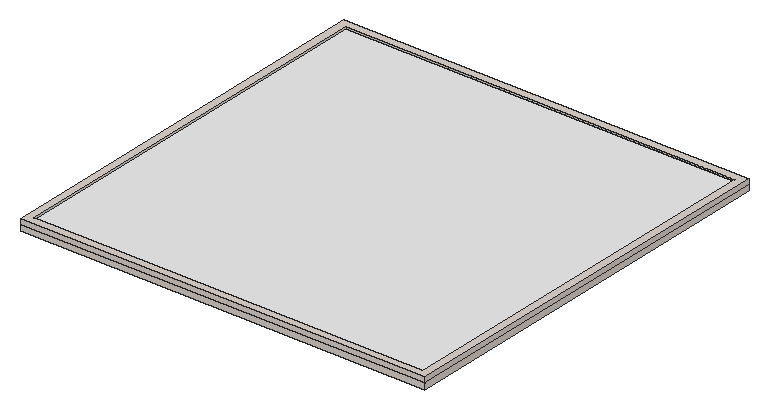
Revit family "SKY LED FLAT PANEL", category Lighting Fixtures, host Face, Revit 2020 (continued)
Types (13): name | Wattage | WATTS | built-in parameter 1150134 | Replaces/Equiv.(MH) | Photometric Web File | Order number | built-in parameter 1150142 | Model | built-in parameter 1150105 | Lumens | built-in parameter 1150107 | built-in parameter 1150106 | Fixture Width | Fixture Length | Default Elevation | Apparent Load
    .80     1.87     1.95     2.01     2.08     2.15     2.21     2.28     2.35     2.42     \r\n 2.48     2.54     2.60     2.66     2.72     2.77     2.83     2.87     2.90     2.94     \r\n 2.96     2.99     3.00     3.02     3.04     3.04     3.05     3.05     3.05     3.04     \r\n 3.04     3.04     3.03     3.02     3.01     3.01     3.00     2.99     2.98     2.97     \r\n 2.97     2.96     2.96     2.95     2.95     2.95     2.95     2.96     2.99     3.01     \r\n 3.03     3.04     3.05     3.07     3.08     3.10     3.11     3.13     3.15     3.19     \r\n 3.21     3.23     3.25     3.28     3.31     3.34     3.36     3.39     3.42     3.44     \r\n 3.47     3.49     3.51     3.52     3.53     3.53     3.53     3.53     3.52     3.52     \r\n 3.11     \r\n1275.29  1275.73  1276.28  1274.49  1272.98  1269.60  1267.85  1264.83  1262.28  1259.71  \r\n 1255.24  1249.80  1245.40  1239.78  1233.34  1228.05  1221.89  1215.83  1206.42  1200.83  \r\n 1190.96  1183.11  1174.32  1163.43  1154.94  1144.00  1132.94  1123.68  1111.50  1100.57  \r\n 1087.37  1075.75  1062.20  1049.42  1035.81  1021.99  1007.62  993.61   977.62   963.49   \r\n 947.88   931.93   915.66   897.94   882.61   864.43   846.76   829.79   811.45   792.78   \r\n 775.17   756.77   737.06   718.06   698.59   678.77   658.52   639.02   618.35   598.58   \r\n 576.92   556.47   534.99   514.06   492.85   471.72   450.66   428.93   407.40   386.08   \r\n 365.02   343.60   322.00   300.87   280.12   259.15   238.95   218.72   198.88   179.67   \r\n 160.44   141.98   123.52   106.00   88.29    72.20    55.74    40.58    25.35    11.71    \r\n 2.18     1.10     1.17     1.25     1.32     1.40     1.49     1.56     1.64     1.72     \r\n 1.79     1.87     1.94     2.01     2.08     2.15     2.21     2.28     2.35     2.42     \r\n 2.48     2.55     2.61     2.68     2.73     2.79     2.84     2.90     2.94     2.97     \r\n 3.00     3.03     3.05     3.06     3.08     3.09     3.10     3.10     3.10     3.11     \r\n 3.10     3.10     3.10     3.09     3.09     3.09     3.09     3.08     3.08     3.08     \r\n 3.08     3.08     3.08     3.08     3.07     3.08     3.09     3.10     3.13     3.16     \r\n 3.21     3.22     3.24     3.26     3.28     3.30     3.33     3.36     3.38     3.42     \r\n 3.45     3.48     3.50     3.53     3.55     3.56     3.57     3.57     3.56     3.56     \r\n 3.55     3.55     3.55     3.54     3.54     3.54     3.54     3.53     3.53     3.53     \r\n 3.11     \r\n1275.29  1274.37  1273.18  1272.43  1271.85  1269.90  1267.71  1265.33  1261.65  1259.20  \r\n 1254.45  1250.76  1246.51  1241.32  1235.10  1227.81  1222.56  1214.81  1209.25  1200.25  \r\n 1192.26  1184.02  1174.96  1166.19  1156.46  1146.10  1135.94  1124.61  1114.47  1101.56  \r\n 1089.18  1077.47  1065.90  1052.87  1039.47  1026.08  1012.65  996.73   983.56   967.86   \r\n 952.35   937.45   921.34   905.09   889.10   872.96   854.70   836.52   819.67   801.68   \r\n 784.17   763.92   745.67   727.58   708.36   687.78   667.57   648.07   628.24   606.99   \r\n 586.70   565.55   544.67   523.86   502.30   480.67   459.93   438.22   416.42   394.81   \r\n 373.21   352.31   330.72   310.15   288.36   268.00   246.92   226.78   206.60   187.15   \r\n 167.92   149.13   130.34   112.23   94.93    77.91    61.75    45.82    30.54    15.62    \r\n 4.37     0.96     1.03     1.10     1.17     1.26     1.33     1.41     1.48     1.56     \r\n 1.63     1.70     1.77     1.84     1.92     1.98     2.04     2.10     2.16     2.23     \r\n 2.30     2.36     2.42     2.48     2.55     2.60     2.66     2.71     2.76     2.79     \r\n 2.82     2.85     2.87     2.89     2.91     2.93     2.94     2.96     2.98     3.00     \r\n 3.01     3.03     3.04     3.05     3.07     3.08     3.10     3.12     3.13     3.15     \r\n 3.17     3.19     3.20     3.22     3.24     3.26     3.28     3.30     3.33     3.35     \r\n 3.38     3.39     3.41     3.43     3.45     3.47     3.50     3.53     3.56     3.59     \r\n 3.62     3.65     3.65     3.64     3.63     3.62     3.62     3.62     3.61     3.61     \r\n 3.61     3.61     3.61     3.60     3.60     3.60     3.60     3.60     3.60     3.59     \r\n 3.11     \r\n1275.29  1276.41  1276.47  1274.07  1273.67  1272.52  1269.44  1267.48  1264.02  1261.95  \r\n 1257.62  1253.80  1248.56  1243.41  1238.95  1232.33  1226.90  1219.90  1212.60  1205.71  \r\n 1197.51  1188.48  1179.70  1172.45  1162.79  1151.19  1142.09  1131.96  1121.28  1109.42  \r\n 1097.59  1084.83  1073.08  1060.45  1046.43  1032.92  1019.06  1005.09  991.58   976.30   \r\n 961.55   944.43   927.95   912.22   894.51   877.68   860.84   843.91   825.44   806.44   \r\n 788.73   770.19   751.09   730.95   711.07   691.81   671.17   651.37   630.57   609.91   \r\n 589.53   567.70   546.58   524.41   503.84   482.49   460.23   438.28   416.77   394.80   \r\n 373.07   352.24   330.04   309.31   287.66   266.71   246.09   225.60   205.09   185.82   \r\n 165.97   147.13   128.35   110.44   92.79    75.86    59.67    44.21    28.59    13.94    \r\n 3.27     1.00     1.05     1.12     1.20     1.28     1.36     1.43     1.50     1.57     \r\n 1.65     1.72     1.79     1.86     1.93     1.99     2.06     2.11     2.17     2.24     \r\n 2.31     2.37     2.44     2.49     2.55     2.61     2.66     2.72     2.76     2.80     \r\n 2.82     2.84     2.86     2.88     2.90     2.91     2.93     2.94     2.95     2.96     \r\n 2.97     2.97     2.98     2.99     3.00     3.00     3.02     3.03     3.03     3.04     \r\n 3.05     3.07     3.08     3.10     3.11     3.13     3.15     3.17     3.20     3.22     \r\n 3.25     3.27     3.29     3.31     3.33     3.35     3.38     3.40     3.43     3.46     \r\n 3.49     3.52     3.55     3.57     3.59     3.60     3.60     3.60     3.59     3.58     \r\n 3.58     3.58     3.57     3.57     3.57     3.57     3.57     3.57     3.57     3.56     \r\n 3.11     \r\n1275.29  1276.25  1276.94  1277.10  1274.61  1274.60  1271.09  1269.22  1265.92  1263.86  \r\n 1260.34  1257.80  1251.95  1248.91  1242.48  1237.02  1232.31  1225.71  1218.13  1212.05  \r\n 1204.67  1196.47  1186.81  1180.92  1170.37  1160.02  1151.09  1141.47  1128.96  1118.95  \r\n 1108.73  1094.48  1082.81  1069.70  1057.38  1043.97  1029.78  1015.63  1000.05  984.66   \r\n 969.52   954.26   937.45   920.63   903.24   886.50   868.89   851.55   832.57   814.75   \r\n 796.77   776.79   757.52   737.33   718.03   697.58   678.29   657.23   637.09   615.31   \r\n 594.82   572.95   551.90   529.88   509.25   486.95   465.22   443.32   421.74   399.96   \r\n 377.15   356.54   333.78   312.78   291.12   270.33   249.04   228.97   208.48   188.32   \r\n 168.98   150.06   131.15   112.62   95.09    77.84    61.49    45.31    30.02    15.24    \r\n 4.17     1.01     1.06     1.13     1.20     1.28     1.35     1.43     1.50     1.57     \r\n 1.64     1.71     1.78     1.85     1.91     1.98     2.04     2.10     2.16     2.23     \r\n 2.29     2.36     2.41     2.47     2.52     2.58     2.63     2.69     2.72     2.75     \r\n 2.78     2.80     2.82     2.84     2.85     2.86     2.87     2.88     2.88     2.89     \r\n 2.89     2.90     2.90     2.90     2.91     2.91     2.91     2.91     2.91     2.92     \r\n 2.92     2.93     2.93     2.94     2.95     2.96     2.98     2.99     3.01     3.03     \r\n 3.05     3.07     3.09     3.11     3.13     3.15     3.18     3.20     3.23     3.25     \r\n 3.29     3.31     3.34     3.37     3.40     3.42     3.45     3.48     3.50     3.52     \r\n 3.53     3.54     3.55     3.55     3.55     3.55     3.55     3.54     3.54     3.54     \r\n 3.11     \r\n1275.29  1274.72  1276.39  1276.49  1276.73  1274.88  1272.42  1271.42  1268.18  1265.72  \r\n 1263.83  1260.05  1256.70  1251.79  1246.48  1241.40  1235.60  1230.13  1223.65  1218.65  \r\n 1209.08  1202.21  1195.17  1184.75  1177.49  1167.31  1156.87  1147.10  1135.58  1125.72  \r\n 1114.21  1100.71  1087.97  1075.86  1061.95  1046.29  1032.60  1017.26  1003.25  986.47   \r\n 971.44   955.26   939.28   922.39   903.85   886.80   869.51   852.24   832.75   813.73   \r\n 795.70   776.14   757.20   737.37   717.52   697.00   677.59   656.46   635.27   614.01   \r\n 593.91   572.42   550.38   528.84   507.50   485.44   463.37   441.24   419.36   398.09   \r\n 375.30   353.66   332.00   310.87   289.01   267.85   246.59   226.35   205.96   185.78   \r\n 166.11   146.82   128.20   109.92   91.95    75.14    58.88    43.21    27.79    13.39    \r\n 3.17     1.03     1.08     1.15     1.22     1.30     1.37     1.45     1.52     1.59     \r\n 1.66     1.72     1.79     1.86     1.92     1.99     2.04     2.11     2.17     2.24     \r\n 2.30     2.36     2.42     2.47     2.53     2.58     2.61     2.65     2.68     2.70     \r\n 2.73     2.75     2.76     2.78     2.79     2.80     2.81     2.81     2.81     2.81     \r\n 2.82     2.81     2.81     2.81     2.81     2.81     2.81     2.81     2.81     2.81     \r\n 2.81     2.81     2.81     2.81     2.82     2.82     2.82     2.83     2.83     2.83     \r\n 2.84     2.84     2.85     2.87     2.88     2.89     2.90     2.92     2.92     2.94     \r\n 2.95     2.96     2.98     2.99     3.01     3.03     3.05     3.08     3.10     3.13     \r\n 3.16     3.18     3.20     3.22     3.24     3.26     3.27     3.29     3.31     3.31     \r\n 3.11     \r\n1275.29  1274.06  1276.61  1276.79  1275.91  1274.93  1274.67  1271.30  1270.25  1266.63  \r\n 1264.15  1262.26  1258.99  1254.71  1250.53  1245.63  1240.11  1234.80  1229.35  1223.50  \r\n 1214.27  1208.08  1199.48  1190.73  1182.07  1171.70  1162.65  1150.70  1140.38  1128.93  \r\n 1116.02  1103.60  1091.24  1077.47  1064.30  1050.24  1035.58  1020.09  1005.46  989.51   \r\n 972.98   957.03   941.84   924.84   906.42   889.24   873.21   853.81   836.56   816.92   \r\n 799.19   779.28   760.15   739.66   720.66   699.58   679.84   658.93   638.66   616.34   \r\n 596.15   574.62   553.02   531.47   510.84   487.74   466.46   444.02   422.08   400.13   \r\n 378.18   356.79   334.19   312.86   290.82   270.01   248.84   228.11   207.59   187.72   \r\n 168.02   149.04   130.05   111.53   93.82    76.50    60.24    44.18    29.06    14.91    \r\n 4.04     1.02     1.07     1.15     1.22     1.29     1.37     1.44     1.51     1.59     \r\n 1.65     1.72     1.78     1.85     1.91     1.98     2.04     2.10     2.17     2.22     \r\n 2.29     2.34     2.40     2.46     2.50     2.54     2.57     2.60     2.63     2.65     \r\n 2.67     2.68     2.70     2.71     2.72     2.73     2.73     2.74     2.74     2.74     \r\n 2.74     2.74     2.73     2.73     2.71     2.69     2.67     2.65     2.63     2.61     \r\n 2.59     2.58     2.58     2.59     2.59     2.59     2.61     2.62     2.63     2.64     \r\n 2.66     2.68     2.70     2.72     2.74     2.77     2.79     2.81     2.82     2.84     \r\n 2.86     2.87     2.89     2.90     2.91     2.92     2.94     2.95     2.96     2.99     \r\n 3.01     3.03     3.06     3.08     3.10     3.12     3.14     3.15     3.17     3.19     \r\n 3.11     \r\n1275.29  1277.50  1278.67  1278.30  1277.56  1279.08  1276.74  1275.10  1275.42  1270.76  \r\n 1269.73  1267.13  1263.03  1260.18  1255.52  1250.16  1246.85  1240.31  1233.93  1227.21  \r\n 1218.39  1211.26  1201.59  1192.58  1183.73  1174.32  1162.92  1151.30  1140.60  1129.22  \r\n 1116.73  1102.78  1090.80  1076.03  1063.73  1048.82  1034.45  1019.59  1003.54  988.61   \r\n 972.29   956.59   939.66   922.65   905.35   888.47   869.78   852.07   833.72   815.83   \r\n 795.34   776.90   758.48   737.29   717.17   698.00   677.98   656.98   635.10   614.02   \r\n 593.47   571.52   550.28   528.09   507.30   485.14   463.18   440.82   419.04   396.58   \r\n 374.94   353.15   331.16   309.68   287.70   266.59   245.41   224.82   204.19   184.51   \r\n 164.39   145.35   126.32   108.38   90.19    73.78    57.38    42.04    26.83    13.17    \r\n 3.06     1.04     1.09     1.17     1.25     1.32     1.39     1.46     1.54     1.60     \r\n 1.67     1.74     1.81     1.88     1.94     2.01     2.07     2.13     2.20     2.25     \r\n 2.31     2.36     2.41     2.45     2.48     2.52     2.55     2.57     2.60     2.62     \r\n 2.64     2.65     2.66     2.67     2.68     2.68     2.68     2.68     2.68     2.68     \r\n 2.68     2.68     2.68     2.67     2.67     2.66     2.64     2.62     2.61     2.59     \r\n 2.58     2.57     2.56     2.55     2.56     2.56     2.57     2.58     2.59     2.61     \r\n 2.63     2.64     2.66     2.68     2.70     2.72     2.74     2.76     2.78     2.80     \r\n 2.82     2.84     2.86     2.88     2.89     2.90     2.91     2.93     2.94     2.95     \r\n 2.96     2.97     2.99     3.00     3.02     3.05     3.06     3.08     3.09     3.11     \r\n 3.11     \r\n1275.29  1277.79  1277.23  1276.68  1277.18  1278.35  1275.79  1275.80  1273.46  1274.12  \r\n 1271.87  1267.01  1264.20  1262.00  1256.23  1252.31  1246.19  1240.55  1233.16  1225.80  \r\n 1218.10  1210.10  1201.82  1193.33  1184.51  1173.12  1162.19  1150.94  1138.63  1126.54  \r\n 1115.77  1103.40  1090.19  1076.47  1061.77  1048.37  1033.66  1019.26  1003.84  988.65   \r\n 972.25   955.90   938.99   922.24   905.46   887.97   869.24   851.04   833.31   813.92   \r\n 795.52   775.29   757.28   736.38   717.26   696.40   675.36   654.82   634.55   613.75   \r\n 592.48   571.63   549.84   528.48   506.25   484.05   463.20   440.55   419.14   396.85   \r\n 374.87   353.74   330.99   310.13   288.14   267.38   245.92   225.66   204.97   185.01   \r\n 165.54   146.59   127.65   109.11   91.74    74.48    58.52    42.94    28.35    14.39    \r\n 3.86     1.02     1.09     1.17     1.25     1.32     1.40     1.47     1.54     1.61     \r\n 1.68     1.75     1.82     1.88     1.95     2.01     2.07     2.13     2.19     2.24     \r\n 2.29     2.33     2.38     2.42     2.45     2.48     2.51     2.54     2.56     2.58     \r\n 2.59     2.60     2.61     2.62     2.63     2.63     2.64     2.64     2.64     2.64     \r\n 2.64     2.64     2.63     2.63     2.63     2.62     2.62     2.61     2.61     2.60     \r\n 2.59     2.58     2.57     2.56     2.56     2.57     2.57     2.58     2.58     2.59     \r\n 2.60     2.62     2.63     2.65     2.66     2.68     2.70     2.72     2.74     2.76     \r\n 2.78     2.80     2.83     2.85     2.87     2.89     2.91     2.93     2.94     2.95     \r\n 2.96     2.97     2.99     3.00     3.00     3.02     3.03     3.05     3.06     3.07     \r\n 3.11     \r\n1275.29  1276.73  1277.31  1277.21  1279.24  1278.38  1277.88  1276.13  1273.83  1273.32  \r\n 1269.65  1267.77  1263.82  1261.05  1255.02  1249.45  1244.96  1241.12  1233.23  1225.79  \r\n 1217.36  1209.23  1200.85  1190.95  1181.57  1170.07  1160.58  1148.42  1137.11  1123.64  \r\n 1111.22  1097.67  1085.11  1071.15  1056.87  1041.82  1027.10  1012.81  996.32   981.25   \r\n 963.70   947.78   931.92   914.79   898.46   879.68   861.26   844.39   824.75   806.69   \r\n 787.99   767.99   748.80   730.19   709.64   689.02   668.83   648.74   628.29   607.11   \r\n 586.81   565.23   543.73   521.99   500.77   478.79   457.60   435.46   413.77   391.31   \r\n 369.94   348.01   326.37   305.00   283.78   262.46   241.77   221.36   200.86   181.05   \r\n 161.52   142.52   123.81   105.94   88.17    72.04    55.90    41.09    26.56    12.97    \r\n 2.90     1.04     1.10     1.18     1.26     1.33     1.41     1.48     1.55     1.63     \r\n 1.70     1.77     1.84     1.91     1.98     2.04     2.09     2.15     2.20     2.25     \r\n 2.30     2.34     2.38     2.41     2.45     2.47     2.49     2.52     2.54     2.55     \r\n 2.57     2.58     2.60     2.60     2.61     2.62     2.62     2.62     2.63     2.63     \r\n 2.63     2.62     2.62     2.62     2.61     2.60     2.58     2.58     2.58     2.59     \r\n 2.60     2.60     2.61     2.60     2.60     2.60     2.61     2.61     2.61     2.62     \r\n 2.63     2.64     2.65     2.66     2.68     2.69     2.71     2.72     2.74     2.75     \r\n 2.78     2.79     2.82     2.84     2.86     2.88     2.91     2.93     2.94     2.97     \r\n 2.99     3.00     3.01     3.02     3.03     3.03     3.04     3.04     3.05     3.05     \r\n 3.11     \r\n1275.29  1275.27  1276.51  1278.32  1277.56  1277.56  1277.81  1275.96  1274.77  
